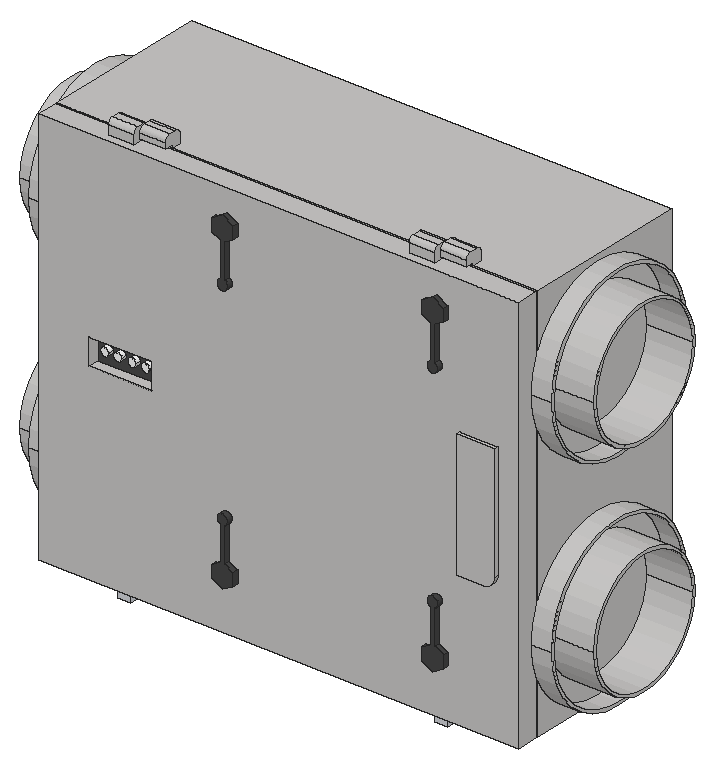
Revit family "SL70L", category Mechanical Equipment, Revit 2016
Family settings
  Part Type = Normal
  Round Connector Dimension = Use Diameter
  Work Plane-Based = No
  Always vertical = Yes
  Cut with Voids When Loaded = No
  Shared = No
  Room Calculation Point = No
Parameters
  Watts = "96"
  Voltage = "120"
  Unit Weight = "32 lbs."
  Unit Dimensions = "27-1/4\" L x 20-3/8\" W x 9-1/2\" H"
  URL = "www.renewaire.com"
  Continuous Operation Airflow = "51-76 CFM"
  Standard Features = "Unit may be mounted in any orientation, Low-voltage circuit for controls, Line-cord power supply, Dial-A-Flow - balance and airflow adjustment, Variable speed, Boost mode, Cross-core differential pressure ports, Gray painted cabinet"
  Service Area Visibility = yes
  Service Area = Renewaire - Interference
  Revit Object Download Link = ""
  Phase = "1"
  Motor(s) = "Qty. 2, 48V DC motorized impeller packages"
  Model = "SL70L"
  Minimum Circuit Amps = "10"
  Maximum Overcurrent Protection = "15"
  Max. Shipping Weight (in carton) = "38 lbs."
  Max. Shipping Dimensions (in carton) = "29-1/2\" L x 22-1/2\" W x 11-1/2\" H"
  Manufacturer = "Renewaire LLC"
  Hertz = "60"
  Filters = "Total qty. 2, MERV 8, spun-polyester media: 7-1/2\" x 10-1/2\" x 1\""
  FLA per Motor = "2"
  Energy Recovery Type = "Static plate, heat and humidity transfer"
  Description = "Energy Recovery Ventilator"
  Controls = "Onboard digital controller with independent variable speeds"
  Cabinet Material [instance] = Renewaire - Galvanized Steel
  Boost Mode Airflow = "76-94 CFM"
  Accessories = "Backdraft damper 6\", Wall cap 6\" - white, brown, Digital time clock - wall mount (TC7D-W), in exterior enclosure (TC7D-E), Carbon dioxide sensor/control - wall mount (CO2-W), IAQ sensor - wall mount (IAQ-W), Motion occupancy sensor/control - ceiling mount (MC-C), wall mount (MC-W), Percentage timer control (PTL), Percentage timer control with furnace interlock (FM), Push-button point-of-use controls (PBL), PTL req'd., MERV 13 Filter - OA airstream, Wall bracket kit, Electric duct heater - RH series (1-4 kW); designed for indoor ductwork installation only"
Reference planes (in)
  plane 1 "Center (Front/Back)": y = 0
  plane 2: z = 0
  plane 3 "Center (Left/Right)": x = 0
Forms (in)
  Extrusion 1, solid, material "Renewaire - Galvanized Steel" <- "Cabinet Material"
    sketch origin (0, 0, 0) x (0, 1, 0) y (0, 0, 1)
      loop
        line (0, 9.5) -> (-8.0024, 9.5) -> (-8.0024, -9.5) -> (0, -9.5) -> (0, 9.5)
    from -11.435 to 11.43501
  Extrusion 2, solid, material "Renewaire - Galvanized Steel" <- "Cabinet Material"
    sketch origin (0, 0, 0) x (0, 1, 0) y (0, 0, 1)
      loop
        line (-9.1154, 9.5) -> (-9.1154, -9.5) -> (-8.0874, -9.5) -> (-8.0874, 9.5) -> (-9.1154, 9.5)
    from -11.435 to 11.43501
  Extrusion 3, solid, material "Renewaire - Galvanized Steel" <- "Cabinet Material"
    sketch origin (0, 0, 0) x (0, 1, 0) y (0, 0, 1)
      loop
        line (-7.55507, 9.5) -> (-7.55507, 9.91)
        arc (-7.55507, 9.91) -> (-7.62829, 10.08678) -> (-7.80507, 10.16) r 0.25
        line (-7.80507, 10.16) -> (-8.1494, 10.16)
        arc (-8.1494, 10.16) -> (-8.32618, 10.08678) -> (-8.3994, 9.91) r 0.25
        line (-8.3994, 9.91) -> (-8.3994, 9.64844) -> (-7.99845, 9.64844) -> (-7.99845, 9.5) -> (-7.55507, 9.5)
    from -7.16504 to -5.94508
  Extrusion 4, solid, material "Renewaire - Galvanized Steel" <- "Cabinet Material"
    sketch origin (0, 0, 0) x (0, 1, 0) y (0, 0, 1)
      loop
        line (-7.55507, 9.5) -> (-7.55507, 9.91)
        arc (-7.55507, 9.91) -> (-7.62829, 10.08678) -> (-7.80507, 10.16) r 0.25
        line (-7.80507, 10.16) -> (-8.1494, 10.16)
        arc (-8.1494, 10.16) -> (-8.32618, 10.08678) -> (-8.3994, 9.91) r 0.25
        line (-8.3994, 9.91) -> (-8.3994, 9.64844) -> (-7.99845, 9.64844) -> (-7.99845, 9.5) -> (-7.55507, 9.5)
    from 7.14498 to 8.36494
  Extrusion 5, solid, material "Renewaire - Galvanized Steel" <- "Cabinet Material"
    sketch origin (0, -16.24093, 0) x (0, -1, 0) y (0, 0, -1)
      loop
        line (-7.55507, -9.5) -> (-7.99845, -9.5) -> (-7.99845, -9.64844) -> (-8.3994, -9.64844) -> (-8.3994, -9.91)
        arc (-8.3994, -9.91) -> (-8.32618, -10.08678) -> (-8.1494, -10.16) r 0.25
        line (-8.1494, -10.16) -> (-7.80507, -10.16)
        arc (-7.80507, -10.16) -> (-7.62829, -10.08678) -> (-7.55507, -9.91) r 0.25
        line (-7.55507, -9.91) -> (-7.55507, -9.5)
    from -8.435 to -7.21504
  Extrusion 6, solid, material "Renewaire - Galvanized Steel" <- "Cabinet Material"
    sketch origin (0, -16.24093, 0) x (0, -1, 0) y (0, 0, -1)
      loop
        line (-7.55507, -9.5) -> (-7.99845, -9.5) -> (-7.99845, -9.64844) -> (-8.3994, -9.64844) -> (-8.3994, -9.91)
        arc (-8.3994, -9.91) -> (-8.32618, -10.08678) -> (-8.1494, -10.16) r 0.25
        line (-8.1494, -10.16) -> (-7.80507, -10.16)
        arc (-7.80507, -10.16) -> (-7.62829, -10.08678) -> (-7.55507, -9.91) r 0.25
        line (-7.55507, -9.91) -> (-7.55507, -9.5)
    from 5.87502 to 7.09498
  Extrusion 7, solid
    sketch origin (0, 0, 0) x (0, 1, 0) y (0, 0, 1)
      loop
        line (-6.34251, -9.5) -> (-8.86571, -9.5) -> (-8.86571, -9.95328) -> (-6.34251, -9.95328) -> (-6.34251, -9.5)
    from -7.84693 to -7.25293
  Extrusion 8, solid
    sketch origin (0, 0, 0) x (0, 1, 0) y (0, 0, 1)
      loop
        line (-6.34251, -9.5) -> (-8.86571, -9.5) -> (-8.86571, -9.95328) -> (-6.34251, -9.95328) -> (-6.34251, -9.5)
    from 7.25293 to 7.84693
  Extrusion 9, solid, material "Renewaire - Galvanized Steel" <- "Cabinet Material"
    sketch origin (0, 0, 0) x (0, 1, 0) y (0, 0, 1)
      loop
        circle (-4.4374, -5.366) r 2.875
      loop
        circle (-4.4374, -5.366) r 3
    from -13.65355 to -11.435
  Extrusion 10, solid, material "Renewaire - Galvanized Steel" <- "Cabinet Material"
    sketch origin (0, 0, 10.64074) x (0, 1, 0) y (0, 0, 1)
      loop
        circle (-4.4374, -5.366) r 2.875
      loop
        circle (-4.4374, -5.366) r 3
    from -13.65355 to -11.435
  Extrusion 11, solid, material "Renewaire - Galvanized Steel" <- "Cabinet Material"
    sketch origin (0, 0, 0) x (0, 1, 0) y (0, 0, 1)
      loop
        circle (-4.4374, -5.366) r 3.875
      loop
        circle (-4.4374, -5.366) r 4
    from -12.43355 to -11.435
  Extrusion 12, solid, material "Renewaire - Galvanized Steel" <- "Cabinet Material"
    sketch origin (0, 0, 10.64074) x (0, 1, 0) y (0, 0, 1)
      loop
        circle (-4.4374, -5.366) r 3.875
      loop
        circle (-4.4374, -5.366) r 4
    from -12.43355 to -11.435
  Extrusion 13, solid, material "Renewaire - Galvanized Steel" <- "Cabinet Material"
    sketch origin (0, 0, 0) x (0, 1, 0) y (0, 0, -1)
      loop
        circle (-4.4374, 5.366) r 2.875
      loop
        circle (-4.4374, 5.366) r 3
    from -13.65355 to -11.435
  Extrusion 14, solid, material "Renewaire - Galvanized Steel" <- "Cabinet Material"
    sketch origin (0, 0, 10.64074) x (0, 1, 0) y (0, 0, -1)
      loop
        circle (-4.4374, 5.366) r 2.875
      loop
        circle (-4.4374, 5.366) r 3
    from -13.65355 to -11.435
  Extrusion 15, solid, material "Renewaire - Galvanized Steel" <- "Cabinet Material"
    sketch origin (0, 0, 0) x (0, 1, 0) y (0, 0, -1)
      loop
        circle (-4.4374, 5.366) r 3.875
      loop
        circle (-4.4374, 5.366) r 4
    from -12.43355 to -11.435
  Extrusion 16, solid, material "Renewaire - Galvanized Steel" <- "Cabinet Material"
    sketch origin (0, 0, 10.64074) x (0, 1, 0) y (0, 0, -1)
      loop
        circle (-4.4374, 5.366) r 3.875
      loop
        circle (-4.4374, 5.366) r 4
    from -12.43355 to -11.435
  Extrusion 17, solid, material "Renewaire - Galvanized Steel" <- "Cabinet Material"
    sketch origin (0, 0, 0) x (1, 0, 0) y (0, 0, 1)
      loop
        line (10.435, 3) -> (8.635, 3) -> (8.635, -3) -> (9.935, -3)
        arc (9.935, -3) -> (10.28855, -2.85355) -> (10.435, -2.5) r 0.5
        line (10.435, -2.5) -> (10.435, 3)
    from 9.1154 to 9.3054
  Extrusion 18, solid, material "MonitorPorts"
    sketch origin (-1.90324, -9.1154, 43.0094) x (-1, 0, 0) y (0, 0, -1)
      loop
        line (-9.53348, 35.65895) -> (-9.94097, 35.42369) -> (-9.94097, 34.83769) -> (-9.43348, 34.54469) -> (-8.92599, 34.83769) -> (-8.92599, 35.42369) -> (-9.33348, 35.65895) -> (-9.33348, 37.28756)
        arc (-9.33348, 37.28756) -> (-9.43348, 37.76669) -> (-9.53348, 37.28756) r 0.25
        line (-9.53348, 37.28756) -> (-9.53348, 35.65895)
    from 0 to 0.25
  Extrusion 19, solid, material "MonitorPorts"
    sketch origin (-11.90187, -9.1154, 43.0094) x (-1, 0, 0) y (0, 0, -1)
      loop
        line (-9.53348, 35.65895) -> (-9.94097, 35.42369) -> (-9.94097, 34.83769) -> (-9.43348, 34.54469) -> (-8.92599, 34.83769) -> (-8.92599, 35.42369) -> (-9.33348, 35.65895) -> (-9.33348, 37.28756)
        arc (-9.33348, 37.28756) -> (-9.43348, 37.76669) -> (-9.53348, 37.28756) r 0.25
        line (-9.53348, 37.28756) -> (-9.53348, 35.65895)
    from 0 to 0.25
  Extrusion 20, solid, material "MonitorPorts"
    sketch origin (-1.90324, -9.1154, -42.03495) x (-1, 0, 0) y (0, 0, -1)
      loop
        line (-9.53348, -35.65895) -> (-9.53348, -37.28756)
        arc (-9.53348, -37.28756) -> (-9.43348, -37.76669) -> (-9.33348, -37.28756) r 0.25
        line (-9.33348, -37.28756) -> (-9.33348, -35.65895) -> (-8.92599, -35.42369) -> (-8.92599, -34.83769) -> (-9.43348, -34.54469) -> (-9.94097, -34.83769) -> (-9.94097, -35.42369) -> (-9.53348, -35.65895)
    from 0 to 0.25
  Extrusion 21, solid, material "MonitorPorts"
    sketch origin (-11.90187, -9.1154, -42.03495) x (-1, 0, 0) y (0, 0, -1)
      loop
        line (-9.53348, -35.65895) -> (-9.53348, -37.28756)
        arc (-9.53348, -37.28756) -> (-9.43348, -37.76669) -> (-9.33348, -37.28756) r 0.25
        line (-9.33348, -37.28756) -> (-9.33348, -35.65895) -> (-8.92599, -35.42369) -> (-8.92599, -34.83769) -> (-9.43348, -34.54469) -> (-9.94097, -34.83769) -> (-9.94097, -35.42369) -> (-9.53348, -35.65895)
    from 0 to 0.25
  Extrusion 22, void
    sketch origin (0, 0, 0) x (1, 0, 0) y (0, 0, 1)
      loop
        line (-9.02, 0.875) -> (-9.02, -0.375) -> (-6.02, -0.375) -> (-6.02, 0.875) -> (-9.02, 0.875)
    from 8.60802 to 12
  Extrusion 23, solid, material "Renewaire - White"
    sketch origin (0, 0, 0) x (1, 0, 0) y (0, 0, 1)
      loop
        circle (-6.55255, 0.28297) r 0.188
      loop
        circle (-7.18095, 0.28297) r 0.188
      loop
        circle (-7.86254, 0.28297) r 0.188
      loop
        circle (-8.48301, 0.28297) r 0.188
    from 8.60802 to 8.84227
Cuts and joins
  Extrusion 22 cuts Extrusion 1
  Extrusion 22 cuts Extrusion 2
Dimensions and locks (in)
  aligned and locked: plane 2 to level
Connectors (in)
  hvac at (13.65355, -4.4374, 5.27474)
    settings: on Extrusion 14, index 1, duct flow 0 CFM, flow factor 0, pres drop 0.00 in-wg, loss coef 0, conn angle 0.00°, conn width 12", conn height 12", conn diameter 6", duct sys type 1, conn prof type 0, flow config 0, flow direction 2, loss method 0, conn ref index -1, conn util no, is conn primary yes, conn desc "Supply Air (SA)"
  hvac at (13.65355, -4.4374, -5.366)
    settings: on Extrusion 13, index 2, duct flow 0 CFM, flow factor 0, pres drop 0.00 in-wg, loss coef 0, conn angle 0.00°, conn width 12", conn height 12", conn diameter 6", duct sys type 2, conn prof type 0, flow config 0, flow direction 1, loss method 0, conn ref index -1, conn util no, is conn primary no, conn desc "Return Air (RA)"
  hvac at (-13.65355, -4.4374, 5.27474)
    settings: on Extrusion 10, index 3, duct flow 0 CFM, flow factor 0, pres drop 0.00 in-wg, loss coef 0, conn angle 0.00°, conn width 12", conn height 12", conn diameter 6", duct sys type 3, conn prof type 0, flow config 0, flow direction 2, loss method 0, conn ref index -1, conn util no, is conn primary no, conn desc "Exhaust Air (EA)"
  hvac at (-13.65355, -4.4374, -5.366)
    settings: on Extrusion 9, index 4, duct flow 0 CFM, flow factor 0, pres drop 0.00 in-wg, loss coef 0, conn angle 0.00°, conn width 12", conn height 12", conn diameter 6", duct sys type 4, conn prof type 0, flow config 0, flow direction 1, loss method 0, conn ref index -1, conn util no, is conn primary no, conn desc "Outside Air (OA)"
